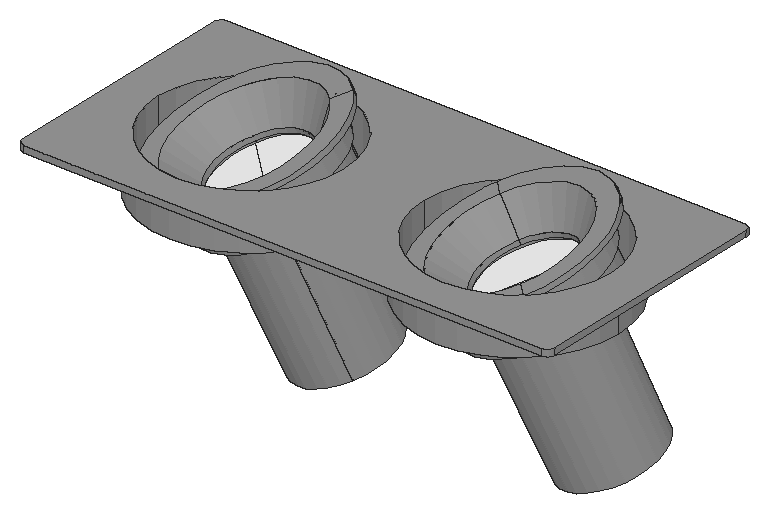
Revit family "0005311", category Lighting Fixtures, host Face, Revit 2017
Family settings
  Host = Face
  Round Connector Dimension = Use Diameter
  Part Type = Normal
  OmniClass Number = 23.80.70.00
  OmniClass Title = Lighting
  Cut with Voids When Loaded = No
  Light Source = No
  Shared = No
  Room Calculation Point = No
Parameters (values of type "0005311+0005305 Ludospot 50 Hous Sqr Rect X2 Cardan WHT + Ludospot 50 920lm 930 WB DIM")
  Weight = "n/a"
  Wattage Comments = ""
  WarrantyStartDate [instance] = "n/a"
  WarrantyGuarantorParts = "n/a"
  WarrantyDurationUnit = "n/a"
  WarrantyDurationParts = "n/a"
  WarrantyDescription = "n/a"
  WallThickness_SYL = 2 mm
  Voltage = 0 V
  VerticalRotation2_SYL [instance] = 68.00°
  VerticalRotation1_SYL [instance] = 112.00°
  URL = "http://www.sylvania-lighting.com"
  TypeName = "Ludospot 50 Hous Sqr Rect X2 Cardan WHT + Ludospot 50 920lm 930 WB DIM"
  TypeLamp_SYL = Ludospot 50 Modules : 0005305 Ludospot 50 920lm 940 WB DIM
  Type Image = <None>
  Type Comments = "n/a"
  TrimWidth_SYL = 105 mm
  TrimLength_SYL = 220 mm
  TrimHeight_SYL = 2.5 mm
  SerialNumber [instance] = "n/a"
  RecessWidth_SYL = 95 mm
  RecessLength_SYL = 205 mm
  RecessDepth_SYL = 100 mm
  RadiusTrim_SYL = 3 mm
  Material_3_SYL = none
  PowerFactor = 0.9
  PowerConsumption = "12 W"
  NominalLength = 220 mm
  NominalHeight = 0 mm
  NominalDepth = 105 mm
  Name = "Ludospot 50 Hous Sqr Rect X2 Cardan WHT + Ludospot 50 920lm 930 WB DIM"
  ModelReference = Name  # "Ludospot 50 Hous Sqr Rect X2 Cardan WHT + Ludospot 50 920lm 930 WB DIM"
  ModelNumber = "0005311+0005305"
  Model = Name  # "Ludospot 50 Hous Sqr Rect X2 Cardan WHT + Ludospot 50 920lm 930 WB DIM"
  Material = "aluminium housing"
  ManufacturerName = "Feilo Sylvania"
  Manufacturer = "Feilo Sylvania"
  LuminousEfficacy = "n/a"
  LuminaireType = ""
  LightOutputRatio = "n/a"
  LampsType = Lamp  # "LED"
  LampNominalLuminous = "920 lm"
  LampMacAdamStep = "3"
  LampColourTemperature = "3000 K"
  LampColourRenderingIndex = "90"
  Lamp = "LED"
  Keynote = "16500"
  InstallationDate [instance] = "n/a"
  InputVoltage = "220-240 V AC"
  InputNominalFrequency = "50/60 HZ"
  IngressProtection = "IP20"
  ImpactProtectionIndex = "IK03"
  IfcExportType = "IfcLightFixtureType"
  IfcExportAs = "IfcLightFixtureType"
  HorizontalRotation2_SYL [instance] = 135.00°
  HorizontalRotation1_SYL [instance] = 315.00°
  EndAngle2_SYL [instance] = HorizontalRotation2_SYL + 180.00°  # 315.00°
  EndAngle1_SYL [instance] = HorizontalRotation1_SYL + 180.00°  # 495.00°
  ElectricShockClassification = "Class II"
  DocumentationLiterature = "http://www.sylvania-lighting.com/product/en-int/products/0005311"
  DimmingControlOptions = "n/a"
  Material_2_SYL = none
  Description = ""
  Default Elevation = 1219.2 mm
  CreatedOn = "7/29/2019"
  CreatedBy = "@sylvania-lighting.com"
  Cost = 0
  built-in parameter 1114216 [instance] = (empty or 0)
  ClassificationValue = "EF_70_80"
  ClassificationName = "Uniclass2015"
  Material_1_SYL = PC/ABS Plastic
  CircularCutOutDia_SYL = 38.5 mm
  BarCode [instance] = "n/a"
  AssetType = "Fixed"
  AssetIdentifier [instance] = "n/a"
  Assembly Code = "D5020200"
  Apparent Load = 0 VA
  Material_4_SYL = none
Types (6, lengths in mm): name | TypeName | TypeLamp_SYL | Name | ModelReference | ModelNumber | Model | LampNominalLuminous | LampColourTemperature
  0005311+0005305 Ludospot 50 Hous Sqr Rect X2 Cardan WHT + Ludospot 50 920lm 930 WB DIM | "Ludospot 50 Hous Sqr Rect X2 Cardan WHT + Ludospot 50 920lm 930 WB DIM" | Ludospot 50 Modules : 0005305 Ludospot 50 920lm 940 WB DIM | "Ludospot 50 Hous Sqr Rect X2 Cardan WHT + Ludospot 50 920lm 930 WB DIM" | "Ludospot 50 Hous Sqr Rect X2 Cardan WHT + Ludospot 50 920lm 930 WB DIM" | "0005311+0005305" | "Ludospot 50 Hous Sqr Rect X2 Cardan WHT + Ludospot 50 920lm 930 WB DIM" | "920 lm" | "3000 K"
  0005311+0005304 Ludospot 50 Hous Sqr Rect X2 Cardan WHT + Ludospot 50 1000lm 940 MB DIM | "Ludospot 50 Hous Sqr Rect X2 Cardan WHT + Ludospot 50 1000lm 940 MB DIM" | Ludospot 50 Modules : 0005304 Ludospot 50 1000lm 940 MB DIM | "Ludospot 50 Hous Sqr Rect X2 Cardan WHT + Ludospot 50 1000lm 940 MB DIM" | "Ludospot 50 Hous Sqr Rect X2 Cardan WHT + Ludospot 50 1000lm 940 MB DIM" | "0005311+0005304" | "Ludospot 50 Hous Sqr Rect X2 Cardan WHT + Ludospot 50 1000lm 940 MB DIM" | "950 lm" | "4000 K"
  0005311+0005303 Ludospot 50 Hous Sqr Rect X2 Cardan WHT + Ludospot 50 950lm 930 MB DIM | "Ludospot 50 Hous Sqr Rect X2 Cardan WHT + Ludospot 50 950lm 930 MB DIM" | Ludospot 50 Modules : 0005303 Ludospot 50 950lm 930 MB DIM | "Ludospot 50 Hous Sqr Rect X2 Cardan WHT + Ludospot 50 950lm 930 MB DIM" | "Ludospot 50 Hous Sqr Rect X2 Cardan WHT + Ludospot 50 950lm 930 MB DIM" | "0005311+0005303" | "Ludospot 50 Hous Sqr Rect X2 Cardan WHT + Ludospot 50 950lm 930 MB DIM" | "1000 lm" | "3000 K"
  0005311+0005302 Ludospot 50 Hous Sqr Rect X2 Cardan WHT + Ludospot 50 990lm 940 NB DIM | "Ludospot 50 Hous Sqr Rect X2 Cardan WHT + Ludospot 50 990lm 940 NB DIM" | Ludospot 50 Modules : 0005302 Ludospot 50 990lm 930 NB DIM | "Ludospot 50 Hous Sqr Rect X2 Cardan WHT + Ludospot 50 990lm 940 NB DIM" | "Ludospot 50 Hous Sqr Rect X2 Cardan WHT + Ludospot 50 990lm 940 NB DIM" | "0005311+0005302" | "Ludospot 50 Hous Sqr Rect X2 Cardan WHT + Ludospot 50 990lm 940 NB DIM" | "990 lm" | "4000 K"
  0005311+0005301 Ludospot 50 Hous Sqr Rect X2 Cardan WHT + Ludospot 50 950lm 930 NB DIM | "Ludospot 50 Hous Sqr Rect X2 Cardan WHT + Ludospot 50 950lm 930 NB DIM" | Ludospot 50 Modules : 0005301 Ludospot 50 950lm 930 NB DIM | "Ludospot 50 Hous Sqr Rect X2 Cardan WHT + Ludospot 50 950lm 930 NB DIM" | "Ludospot 50 Hous Sqr Rect X2 Cardan WHT + Ludospot 50 950lm 930 NB DIM" | "0005311+0005301" | "Ludospot 50 Hous Sqr Rect X2 Cardan WHT + Ludospot 50 950lm 930 NB DIM" | "950 lm" | "3000 K"
  0005311+0005306 Ludospot 50 Hous Sqr Rect X2 Cardan WHT + Ludospot 50 940lm 940 WB DIM | "Ludospot 50 Hous Sqr Rect X2 Cardan WHT + Ludospot 50 940lm 940 WB DIM" | Ludospot 50 Modules : 0005306 Ludospot 50 940lm 940 WB DIM | "Ludospot 50 Hous Sqr Rect X2 Cardan WHT + Ludospot 50 940lm 940 WB DIM" | "Ludospot 50 Hous Sqr Rect X2 Cardan WHT + Ludospot 50 940lm 940 WB DIM" | "0005311+0005306" | "Ludospot 50 Hous Sqr Rect X2 Cardan WHT + Ludospot 50 940lm 940 WB DIM" | "940 lm" | "4000 K"
Reference planes
  plane 1 "Center (Front/Back)": y = 0
  plane 2: z = 0
  plane 3 "Center (Left/Right)": x = 0
  plane 4: x = -110
  plane 5: x = 110
  plane 6: y = 52.5
  plane 7: y = -52.5
  plane 8: x = 102.5
  plane 9: x = -102.5
  plane 10: y = 47.5
  plane 11: y = -47.5
  plane 12: z = -100
  plane 13: x = -100
  plane 14: x = 100
  plane 15: y = 43
  plane 16: y = -43
  plane 17: z = 2.5
  plane 18: x = -98
  plane 19: x = 98
  plane 20: y = 41
  plane 21: y = -41
  plane 22: z = 2.5
  plane 23: x = 55
  plane 24: x = -55
  plane 25: z = -18.5
  plane 26: z = -3.5
Forms (mm)
  Extrusion 1, void
    sketch origin (0, 0, 0) x (1, 0, 0) y (0, 1, 0)
      loop
        line (-102.5, 47.5) -> (-102.5, -47.5) -> (102.5, -47.5) -> (102.5, 47.5) -> (-102.5, 47.5)
    from 0 to -100
  Extrusion 2, solid, material "PC/ABS Plastic" <- "Material_1_SYL"
    sketch origin (0, 0, 0) x (1, 0, 0) y (0, 1, 0)
      loop
        arc (-107, 52.5) -> (-109.121, 51.621) -> (-110, 49.5) r 3
        line (-110, 49.5) -> (-110, -49.5)
        arc (-110, -49.5) -> (-109.121, -51.621) -> (-107, -52.5) r 3
        line (-107, -52.5) -> (107, -52.5)
        arc (107, -52.5) -> (109.121, -51.621) -> (110, -49.5) r 3
        line (110, -49.5) -> (110, 49.5)
        arc (110, 49.5) -> (109.121, 51.621) -> (107, 52.5) r 3
        line (107, 52.5) -> (-107, 52.5)
    from 0 to 2.5
  Extrusion 3, void
    sketch origin (1223.4, -4572, 2.5) x (-1, 0, 0) y (0, -1, 0)
      loop
        circle (1278.4, -4572) r 38.5
      loop
        circle (1168.4, -4572) r 38.5
    from 0 to -21
  Extrusion 4, solid, material "PC/ABS Plastic" <- "Material_1_SYL"
    sketch origin (1223.4, -4572, 0.5) x (0, -1, 0) y (-1, 0, 0)
      loop
        circle (-4572, 1278.4) r 42
      loop
        circle (-4572, 1168.4) r 42
    from 0.5 to 19
  Revolve 5, solid, not visible
    sketch origin (0, 0, 1.484) x (1, 0, 0) y (0, 0, 1)
      loop
        line (-55, -19.984) -> (-55, -29.984) -> (-50, -29.984) -> (-50, -19.984) -> (-55, -19.984)
      axis (-55, -19.984) -> (-55, -29.984)
    angle from 315 <- "HorizontalRotation1_SYL" to 495 <- "EndAngle1_SYL"
  Revolve 6, solid, not visible
    sketch origin (0, 0, 1.484) x (1, 0, 0) y (0, 0, 1)
      loop
        line (55, -19.984) -> (55, -29.984) -> (60, -29.984) -> (60, -19.984) -> (55, -19.984)
      axis (55, -19.984) -> (55, -29.984)
    angle from 135 <- "HorizontalRotation2_SYL" to 315 <- "EndAngle2_SYL"
Cuts and joins
  Extrusion 3 cuts Extrusion 2
  Extrusion 3 cuts Extrusion 4
  joined: Extrusion 2, Extrusion 4
Lines and regions (mm)
  reference lines
    curve 1: circle (-55, 0, 2.5) r 38.5 normal (0, 0, -1)
    curve 2: circle (55, 0, 2.5) r 38.5 normal (0, 0, -1)
Dimensions and locks
  equal spacing: plane 11, plane 1 "Center (Front/Back)", plane 10
  equal spacing: plane 9, plane 3 "Center (Left/Right)", plane 8
  equal spacing: plane 4, plane 3 "Center (Left/Right)", plane 5
  equal spacing: plane 7, plane 1 "Center (Front/Back)", plane 6
  "TrimLength_SYL": plane 4 to plane 5
  "TrimWidth_SYL": plane 7 to plane 6
  "RecessWidth_SYL": plane 11 to plane 10
  "RecessLength_SYL": plane 9 to plane 8
  "RecessDepth_SYL": plane 2 to plane 12
  equal spacing: plane 13, plane 3 "Center (Left/Right)", plane 14
  locked: plane 13 to plane 14 at 200
  equal spacing: plane 16, plane 1 "Center (Front/Back)", plane 15
  locked: plane 16 to plane 15 at 86
  "TrimHeight_SYL": plane 17 to plane 2
  equal spacing: plane 18, plane 3 "Center (Left/Right)", plane 19
  equal spacing: plane 21, plane 1 "Center (Front/Back)", plane 20
  "WallThickness_SYL": plane 13 to plane 18
  "WallThickness_SYL": plane 16 to plane 21
  equal spacing: plane 24, plane 3 "Center (Left/Right)", plane 23
  locked: plane 24 to plane 23 at 110
  locked: plane 22 to plane 26 at 6
  equal spacing: host sketch curve, plane 1 "Center (Front/Back)", host sketch curve
  equal spacing: host sketch curve, plane 3 "Center (Left/Right)", host sketch curve
  "CircularCutOutDia_SYL": radius of curve 2
  "CircularCutOutDia_SYL": radius of curve 1
  "RadiusTrim_SYL": radius of Extrusion 2 sketch curve  (x4)
  aligned and locked: plane 2 to host face
  aligned and locked: level to host face
  aligned and locked: plane 10 to Extrusion 1 sketch curve
  aligned and locked: plane 9 to Extrusion 1 sketch curve
  aligned and locked: Extrusion 1 sketch curve to plane 11
  aligned and locked: Extrusion 1 sketch curve to plane 8
  aligned and locked: level to Extrusion 1
  aligned and locked: plane 12 to Extrusion 1
  aligned and locked: plane 2 to Extrusion 1
  aligned and locked: plane 6 to Extrusion 2 sketch curve
  aligned and locked: plane 4 to Extrusion 2 sketch curve
  aligned and locked: Extrusion 2 sketch curve to plane 7
  aligned and locked: Extrusion 2 sketch curve to plane 5
  aligned and locked: Extrusion 2 to plane 17
  aligned and locked: Extrusion 2 to level
  aligned and locked: Extrusion 3 sketch curve to curve 1
  aligned and locked: Extrusion 3 sketch curve to curve 2
  aligned and locked: Extrusion 3 to plane 22
  aligned and locked: plane 25 to Extrusion 3
  aligned and locked: Revolve 5 sketch curve to plane 24
  aligned and locked: cut or joined group of Extrusion 2, Extrusion 3, Extrusion 4 to Revolve 5 sketch curve
  aligned and locked: plane 24 to Revolve 5 sketch curve
  aligned and locked: Revolve 6 sketch curve to plane 23
  aligned and locked: cut or joined group of Extrusion 2, Extrusion 3, Extrusion 4 to Revolve 6 sketch curve
  aligned and locked: plane 23 to Revolve 6 sketch curve
  aligned and locked: Extrusion 4 to Extrusion 3
  aligned and locked: level to Extrusion 4
Automatic sketch dimensions
  plane 1 "Center (Front/Back)" to Extrusion 4 sketch curve = 0 mm  (x2)
  Extrusion 4 sketch curve to plane 24 = 0 mm
  plane 18 to Extrusion 4 sketch curve = 1 mm
  Extrusion 4 sketch curve to Extrusion 4 sketch curve = 0 mm  (x2)
  Extrusion 4 sketch curve to plane 23 = 0 mm
  plane 3 "Center (Left/Right)" to Extrusion 4 sketch curve = 13 mm
  plane 24 to Revolve 5 sketch curve = 5 mm
  Revolve 5 sketch curve to Revolve 5 sketch curve = 10 mm
  plane 12 to Revolve 5 sketch curve = 203.316 mm
  Revolve 5 sketch curve to plane 17 = 2437.384 mm
  plane 23 to Revolve 6 sketch curve = 5 mm
  Revolve 6 sketch curve to Revolve 6 sketch curve = 10 mm
  plane 12 to Revolve 6 sketch curve = 203.316 mm
  Revolve 6 sketch curve to plane 17 = 2437.384 mm
  plane 1 "Center (Front/Back)" to curve 2 = 0 mm
  plane 1 "Center (Front/Back)" to curve 1 = 0 mm
  curve 1 to plane 24 = 0 mm
  curve 2 to plane 23 = 0 mm
Nested families
  nested 1: "VerticalRotation" at (55, 0, -3.5) x (0.7071, -0.7071, 0) z (0.7071, 0.7071, 0), VerticalRotation_SYL <- "VerticalRotation2_SYL", type "Type Name", not visible
    with VerticalRotation_SYL 68.00°, EndAngleV_SYL 248.00°
  nested 2: "VerticalRotation" at (-55, 0, -3.5) x (-0.7071, 0.7071, 0) z (-0.7071, -0.7071, 0), VerticalRotation_SYL <- "VerticalRotation1_SYL", type "Type Name", not visible
    with VerticalRotation_SYL 112.00°, EndAngleV_SYL 292.00°
  nested 3: "Dial" at (55, 0, -3.5) x (-0.7071, 0.7071, 0) z (0.2649, 0.2649, -0.9272), type "Type Name"
  nested 4: "Dial" at (-55, 0, -3.5) x (0.6556, 0.6556, 0.3746) z (0.2649, 0.2649, -0.9272), type "Type Name"
  nested 5: "Ludospot 50 Modules" at (-52.616, 2.384, -11.845) x (0.7071, -0.7071, 0) z (-0.2649, -0.2649, 0.9272), type <- "TypeLamp_SYL", type "0005305 Ludospot 50 920lm 940 WB DIM"
    with WarrantyStartDate "n/a", SerialNumber "n/a", InstallationDate "n/a", built-in parameter 1114216 (empty or 0), BarCode "n/a", AssetIdentifier "n/a"
  nested 6: "Ludospot 50 Modules" at (57.384, 2.384, -11.845) x (0.6556, 0.6556, 0.3746) z (-0.2649, -0.2649, 0.9272), type <- "TypeLamp_SYL", type "0005305 Ludospot 50 920lm 940 WB DIM"
    with WarrantyStartDate "n/a", SerialNumber "n/a", InstallationDate "n/a", built-in parameter 1114216 (empty or 0), BarCode "n/a", AssetIdentifier "n/a"
Definition of nested family "VerticalRotation"
  Parameters (values of type "Type Name")
    VerticalRotation_SYL [instance] = 0.00°
    URL = "http://www.sylvania-lighting.com"
    Type Image = (empty or 0)
    Type Comments = "n/a"
    Material_3_SYL = none
    Model = ""
    Manufacturer = "Feilo Sylvania"
    Keynote = ""
    Material_2_SYL = none
    EndAngleV_SYL [instance] = VerticalRotation_SYL + 180.00°  # 180.00°
    Description = ""
    Default Elevation = 1219.2 mm
    Cost = 0
    Material_1_SYL = none
    Assembly Code = ""
    Material_4_SYL = none
  Reference planes
    plane 1 "Center (Front/Back)": y = 0
    plane 2: z = 0
    plane 3 "Center (Left/Right)": x = 0
  Forms (mm)
    Extrusion 1, solid
      sketch origin (4.2, 0, 0) x (1, 0, 0) y (0, 1, 0)
        loop
          line (-1219.2, 1219.2) -> (-1219.2, -1219.2) -> (1219.2, -1219.2) -> (1219.2, 1219.2) -> (-1219.2, 1219.2)
      from 0 to -68.017
    Revolve 2, solid
      sketch origin (0, 0, 0) x (1, 0, 0) y (0, 1, 0)
        loop
          line (0, 0) -> (25, 0) -> (25, 10) -> (0, 10) -> (0, 0)
        axis (25, 0) -> (0, 0)
      angle from 0 <- "VerticalRotation_SYL" to 180 <- "EndAngleV_SYL"
  Dimensions and locks
    aligned and locked: plane 2 to Extrusion 1
    aligned and locked: level to Extrusion 1
    aligned and locked: Revolve 2 sketch curve to plane 1 "Center (Front/Back)"
Definition of nested family "Dial"
  Parameters (values of type "Type Name")
    URL = "http://www.sylvania-lighting.com"
    Type Image = (empty or 0)
    Type Comments = "n/a"
    Material_3_SYL = none
    Model = ""
    Manufacturer = "Feilo Sylvania"
    Keynote = ""
    Material_2_SYL = none
    Description = ""
    Default Elevation = 1219.2 mm
    Cost = 0
    Material_1_SYL = none
    Assembly Code = ""
    Material_4_SYL = none
  Reference planes
    plane 1 "Center (Front/Back)": y = 0
    plane 2: z = 0
    plane 3 "Center (Left/Right)": x = 0
    plane 4: x = -38.2
    plane 5: x = -30
    plane 6: x = -20
    plane 7: x = -25
    plane 8: z = 7
    plane 9: z = 9
    plane 10: z = 20
    plane 11: z = -6
    plane 12: x = -32.5
    plane 13: z = -4
  Forms (mm)
    Extrusion 1, solid
      sketch origin (4.2, 0, 0) x (1, 0, 0) y (0, 1, 0)
        loop
          line (-1219.2, 1219.2) -> (-1219.2, -1219.2) -> (1219.2, -1219.2) -> (1219.2, 1219.2) -> (-1219.2, 1219.2)
      from 0 to -68.017
    Revolve 2, solid, material <- "Material_1_SYL"
      sketch origin (0, 0, 0) x (1, 0, 0) y (0, 0, 1)
        loop
          line (-25, 20) -> (-30, 20) -> (-30, 7) -> (-32.5, 7) -> (-32.5, -4) -> (-38.2, -4) -> (-38.2, -6) -> (-30, -6) -> (-20, 7) -> (-20, 9) -> (-25, 9) -> (-25, 20)
        axis (0, 20) -> (0, -6)
      angle from 360 to 0
  Dimensions and locks
    locked: plane 2 to plane 11 at 6
    locked: plane 9 to plane 11 at 15
    locked: plane 9 to plane 8 at 2
    locked: plane 10 to plane 11 at 26
    locked: plane 3 "Center (Left/Right)" to plane 4 at 38.2
    locked: plane 3 "Center (Left/Right)" to plane 5 at 30
    locked: plane 3 "Center (Left/Right)" to plane 7 at 25
    locked: plane 3 "Center (Left/Right)" to plane 6 at 20
    locked: plane 3 "Center (Left/Right)" to plane 12 at 32.5
    locked: plane 13 to plane 11 at 2
    aligned and locked: plane 2 to Extrusion 1
    aligned and locked: level to Extrusion 1
    aligned and locked: Revolve 2 sketch curve to plane 3 "Center (Left/Right)"
    aligned and locked: plane 7 to Revolve 2 sketch curve  (x2)
    aligned and locked: Revolve 2 sketch curve to plane 10
    aligned and locked: Revolve 2 sketch curve to plane 5
    aligned and locked: plane 11 to Revolve 2 sketch curve  (x2)
    aligned and locked: Revolve 2 sketch curve to plane 4
    aligned and locked: plane 6 to Revolve 2 sketch curve  (x2)
    aligned and locked: Revolve 2 sketch curve to plane 9
    aligned and locked: plane 12 to Revolve 2 sketch curve
    aligned and locked: plane 8 to Revolve 2 sketch curve
Definition of nested family "Ludospot 50 Modules"
  Parameters (values of type "0005305 Ludospot 50 920lm 940 WB DIM")
    Weight = ""
    Wattage Comments = ""
    Wattage = 12 W
    WarrantyStartDate [instance] = "n/a"
    WarrantyGuarantorParts = "n/a"
    WarrantyDurationUnit = "n/a"
    WarrantyDurationParts = "n/a"
    WarrantyDescription = "n/a"
    built-in parameter 1150110 = 1 (stored number, unit not read)
    Voltage = 220 V
    URL = "http://www.sylvania-lighting.com"
    TypeName = "Ludospot 50 920lm 940 WB DIM"
    Type Image = (empty or 0)
    Type Comments = "n/a"
    built-in parameter 1114217 = 1 (stored number, unit not read)
    Tilt Angle = -90.00°
    built-in parameter 1150109 = 1 (stored number, unit not read)
    built-in parameter 1150134 = (empty or 0)
    built-in parameter 1150113 = 1 (stored number, unit not read)
    SerialNumber [instance] = "n/a"
    Photometric Web File = "0005305.ies"
    Material_3_SYL = none
    PowerFactor = 0.9
    PowerConsumption = "12 W"
    NominalLength = 50 mm
    NominalHeight = 73 mm
    NominalDepth = 50 mm
    Name = "0005305 Ludospot 50 920lm 940 WB DIM"
    ModelReference = Name  # "0005305 Ludospot 50 920lm 940 WB DIM"
    ModelNumber = "0005305"
    Model = Name  # "0005305 Ludospot 50 920lm 940 WB DIM"
    Material = "aluminium housing"
    ManufacturerName = "Feilo Sylvania"
    Manufacturer = "Feilo Sylvania"
    LuminousEfficacy = "77 lm/W"
    built-in parameter 1150105 = 73.53 (stored number, unit not read)
    Lumens = 924 lm
    LuminaireType = ""
    built-in parameter 1150115 = 1 (stored number, unit not read)
    LightOutputRatio = ""
    built-in parameter 1150137 = (empty or 0)
    built-in parameter 1150139 = (empty or 0)
    LampsType = Lamp  # "LED"
    LampNominalLuminous = "920 lm"
    LampMacAdamStep = "3"
    LampColourTemperature = "3000 K"
    LampColourRenderingIndex = "90"
    built-in parameter 1150112 = 1 (stored number, unit not read)
    built-in parameter 1150114 = 1 (stored number, unit not read)
    Lamp = "LED"
    Keynote = "16500"
    InstallationDate [instance] = "n/a"
    InputVoltage = "220-240 V AC"
    InputNominalFrequency = "50/60 HZ"
    built-in parameter 1150132 = (empty or 0)
    built-in parameter 1150102 = (empty or 0)
    built-in parameter 1150107 = 3000 (stored number, unit not read)
    built-in parameter 1150138 = (empty or 0)
    IngressProtection = "IP44/20"
    ImpactProtectionIndex = "IK07"
    built-in parameter 1150106 = 0.7353 (stored number, unit not read)
    IfcExportType = "IfcLightFixtureType"
    IfcExportAs = "IfcLightFixtureType"
    Emit from Circle Diameter = 40 mm
    Emit Shape Visible in Rendering = no
    ElectricShockClassification = "Class II"
    built-in parameter 1150104 = 7.1535 (stored number, unit not read)
    DocumentationLiterature = "https://www.sylvania-lighting.com/product/en-int/products/0005305/"
    DimmingControlOptions = "Mains: leading / trailing edge"
    Material_2_SYL = none
    Dimming Lamp Color Temperature Shift = (empty or 0)
    Description = ""
    Default Elevation = 1219.2 mm
    CreatedOn = ""
    CreatedBy = ""
    Cost = 0
    Color Filter = 16777215
    built-in parameter 1114216 [instance] = (empty or 0)
    ClassificationValue = "EF_70_80"
    ClassificationName = "Uniclass2015"
    Material_1_SYL = none
    BarCode [instance] = "n/a"
    built-in parameter 1114218 = 1 (stored number, unit not read)
    built-in parameter 1150133 = 10 (stored number, unit not read)
    AssetType = ""
    AssetIdentifier [instance] = "n/a"
    Assembly Code = "D5020200"
    Apparent Load = 12 VA
    Material_4_SYL = none
  Types (6, lengths in mm): name | TypeName | built-in parameter 1150134 | Photometric Web File | Name | ModelReference | ModelNumber | Model | LuminousEfficacy | built-in parameter 1150105 | Lumens | LampNominalLuminous | LampColourTemperature | built-in parameter 1150107 | ImpactProtectionIndex | built-in parameter 1150106 | built-in parameter 1150104 | DocumentationLiterature
    0005305 Ludospot 50 920lm 940 WB DIM | "Ludospot 50 920lm 940 WB DIM" | (empty or 0) | "0005305.ies" | "0005305 Ludospot 50 920lm 940 WB DIM" | "0005305 Ludospot 50 920lm 940 WB DIM" | "0005305" | "0005305 Ludospot 50 920lm 940 WB DIM" | "77 lm/W" | 73.53 (stored number, unit not read) | 924 lm | "920 lm" | "3000 K" | 3000 (stored number, unit not read) | "IK07" | 0.7353 (stored number, unit not read) | 7.1535 (stored number, unit not read) | "https://www.sylvania-lighting.com/product/en-int/products/0005305/"
    0005304 Ludospot 50 1000lm 940 MB DIM | "Ludospot 50 1000lm 940 MB DIM" | 12 | "0005304.ies" | "0005304 Ludospot 50 1000lm 940 MB DIM" | "0005304 Ludospot 50 1000lm 940 MB DIM" | "0005304" | "0005304 Ludospot 50 1000lm 940 MB DIM" | "83 lm/W" | 79.259 (stored number, unit not read) | 996 lm | "950 lm" | "4000 K" | 4000 (stored number, unit not read) | "IK06" | 0.79259 (stored number, unit not read) | 7.711 (stored number, unit not read) | "https://www.sylvania-lighting.com/product/en-int/products/0005304/"
    0005303 Ludospot 50 950lm 930 MB DIM | "Ludospot 50 950lm 930 MB DIM" | (empty or 0) | "0005303.ies" | "0005303 Ludospot 50 950lm 930 MB DIM" | "0005303 Ludospot 50 950lm 930 MB DIM" | "0005303" | "0005303 Ludospot 50 950lm 930 MB DIM" | "80 lm/W" | 76.394 (stored number, unit not read) | 960 lm | "1000 lm" | "3000 K" | 3000 (stored number, unit not read) | "IK05" | 0.76394 (stored number, unit not read) | 7.4322 (stored number, unit not read) | "https://www.sylvania-lighting.com/product/en-int/products/0005303/"
    0005302 Ludospot 50 990lm 930 NB DIM | "Ludospot 50 990lm 930 NB DIM" | 12 | "0005302.ies" | "0005302 Ludospot 50 990lm 930 NB DIM" | "0005302 Ludospot 50 990lm 930 NB DIM" | "0005302" | "0005302 Ludospot 50 990lm 930 NB DIM" | "83 lm/W" | 79.259 (stored number, unit not read) | 996 lm | "990 lm" | "4000 K" | 4000 (stored number, unit not read) | "IK04" | 0.79259 (stored number, unit not read) | 7.711 (stored number, unit not read) | "https://www.sylvania-lighting.com/product/en-int/products/0005302/"
    0005301 Ludospot 50 950lm 930 NB DIM | "Ludospot 50 950lm 930 NB DIM" | (empty or 0) | "0005301.ies" | "0005301 Ludospot 50 950lm 930 NB DIM" | "0005301 Ludospot 50 950lm 930 NB DIM" | "0005301" | "0005301 Ludospot 50 950lm 930 NB DIM" | "80 lm/W" | 76.394 (stored number, unit not read) | 960 lm | "950 lm" | "3000 K" | 3000 (stored number, unit not read) | "IK03" | 0.76394 (stored number, unit not read) | 7.4322 (stored number, unit not read) | "https://www.sylvania-lighting.com/product/en-int/products/0005301/"
    0005306 Ludospot 50 940lm 940 WB DIM | "Ludospot 50 940lm 940 WB DIM" | 12 | "0005306.ies" | "0005306 Ludospot 50 940lm 940 WB DIM" | "0005306 Ludospot 50 940lm 940 WB DIM" | "0005306" | "0005306 Ludospot 50 940lm 940 WB DIM" | "78 lm/W" | 74.485 (stored number, unit not read) | 936 lm | "940 lm" | "4000 K" | 4000 (stored number, unit not read) | "IK08" | 0.74485 (stored number, unit not read) | 7.2464 (stored number, unit not read) | "https://www.sylvania-lighting.com/product/en-int/products/0005306/"
  Reference planes
    plane 1 "Center (Front/Back)": y = 0
    plane 2: z = 0
    plane 3 "Center (Left/Right)": x = 0
    plane 4: x = -25
    plane 5: z = -2.7
    plane 6: x = -23.6
    plane 7: z = -3.7
    plane 8: z = -12.7
    plane 9: z = -25.7
    plane 10: x = -22
    plane 11: z = -73
    plane 12: x = -21
    plane 13: z = -1.3
  Forms (mm)
    Extrusion 1, solid
      sketch origin (4.2, 0, 0) x (1, 0, 0) y (0, 1, 0)
        loop
          line (-1219.2, 1219.2) -> (-1219.2, -1219.2) -> (1219.2, -1219.2) -> (1219.2, 1219.2) -> (-1219.2, 1219.2)
      from 0 to -68.017
    Revolve 2, solid, material <- "Material_1_SYL"
      sketch origin (0, 0, 0) x (1, 0, 0) y (0, 0, 1)
        loop
          line (-25, 0) -> (-25, -2.7) -> (-23.6, -2.7) -> (-23.6, -3.7) -> (-22, -12.7) -> (-21, -73) -> (0, -73) -> (0, -1.3) -> (-21, -1.3) -> (-21, 0) -> (-25, 0)
        axis (0, 0) -> (0, -73)
      angle from 360 to 0
  Dimensions and locks
    locked: plane 3 "Center (Left/Right)" to plane 4 at 25
    locked: plane 3 "Center (Left/Right)" to plane 6 at 23.6
    locked: plane 7 to plane 8 at 9
    locked: plane 3 "Center (Left/Right)" to plane 10 at 22
    locked: plane 2 to plane 11 at 73
    locked: plane 3 "Center (Left/Right)" to plane 12 at 21
    plane 2 to plane 13 to plane 5 to plane 7 = 1.3 mm locked, 1.4 mm locked, 1 mm locked
    aligned and locked: plane 2 to Extrusion 1
    aligned and locked: level to Extrusion 1
    aligned and locked: Revolve 2 sketch curve to plane 4
    aligned and locked: plane 5 to Revolve 2 sketch curve
    aligned and locked: Revolve 2 sketch curve to plane 6
    aligned and locked: plane 8 to Revolve 2 sketch curve
    aligned and locked: plane 12 to Revolve 2 sketch curve  (x2)
    aligned and locked: plane 11 to Revolve 2 sketch curve
    aligned and locked: plane 3 "Center (Left/Right)" to Revolve 2 sketch curve
    aligned and locked: Revolve 2 sketch curve to level
    aligned and locked: plane 13 to Revolve 2 sketch curve  (x2)
    aligned and locked: Revolve 2 sketch curve to plane 12
    aligned and locked: level to imposter light
    aligned and locked: plane 3 "Center (Left/Right)" to imposter light
    aligned and locked: imposter light to plane 1 "Center (Front/Back)"
  Connectors
    electrical at (0, 0, -73), driven by "PowerFactor", driven by "Voltage", driven by "Apparent Load"
      settings: on Revolve 2, index 1, voltage 220 V, apparent load 12 VA, apparent load phase1 0 VA, apparent load phase2 0 VA, apparent load phase3 0 VA, power factor 0.9, load classification none, number of poles 1, system type 30, power factor state 1, is connector primary yes, connector utility no, sub classification motor no, connector description ""
